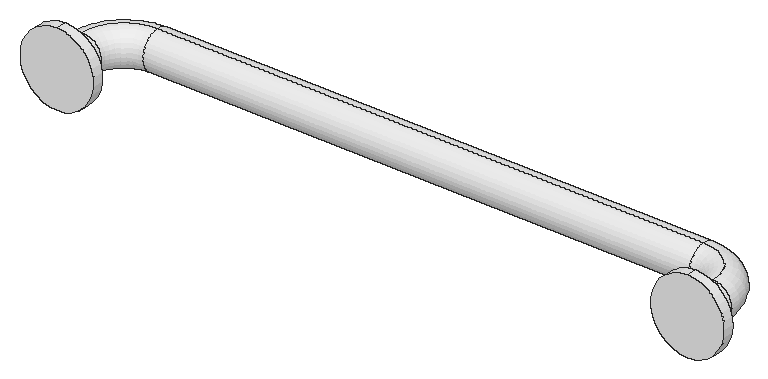
Revit family "Grab Rail", category Plumbing Fixtures, Revit 2015
Parameters (values of type "Grab Rail")
  Material [instance] = White Glossy
  Keynote = ""
  Assembly Code = ""
Reference planes
  plane 1 "Center (Front/Back)": y = 0
  plane 2: z = 0
  plane 3: x = -855.796
  plane 4: z = 680
  plane 5: y = 100
  plane 6: y = 10
Forms (mm)
  Sweep 1, solid, material "White Glossy" <- "Material"
    path origin (-234.062, -422.744, 680) x (0, -1, 0) y (1, 0, 0)
      loop
        line (-432.744, -321.734) -> (-452.744, -321.734)
        arc (-452.744, -321.734) -> (-481.028, -333.449) -> (-492.744, -361.734) r 40
        line (-492.744, -361.734) -> (-492.744, -881.734)
        arc (-492.744, -881.734) -> (-481.028, -910.018) -> (-452.744, -921.734) r 40
        line (-452.744, -921.734) -> (-432.744, -921.734)
    profile origin (-555.796, 20, 680) x (-1, 0, 0) y (0, 0, 1)
      loop
        circle (0, 0) r 18
  Extrusion 2, solid, material "White Glossy" <- "Material"
    sketch origin (-1955.796, 0, -175.796) x (0, 0, -1) y (1, 0, 0)
      loop
        circle (-855.796, 1400) r 35
      loop
        circle (-855.796, 800) r 35
    from 0 to -10
Lines and regions (mm)
  Masking region 1
    outline origin (0, 0, 0) x (1, 0, 0) y (0, 1, 0)
      loop
        line (-1173.796, 10) -> (-1190.796, 10) -> (-1190.796, 0) -> (-1120.796, 0) -> (-1120.796, 10) -> (-1137.796, 10) -> (-1137.796, 27)
        arc (-1137.796, 27) -> (-1130.473, 44.678) -> (-1112.796, 52) r 25
        line (-1112.796, 52) -> (-598.796, 52)
        arc (-598.796, 52) -> (-581.118, 44.678) -> (-573.796, 27) r 25
        line (-573.796, 27) -> (-573.796, 10) -> (-590.796, 10) -> (-590.796, 0) -> (-520.796, 0) -> (-520.796, 10) -> (-537.796, 10) -> (-537.796, 27)
        arc (-537.796, 27) -> (-555.662, 70.134) -> (-598.796, 88) r 61
        line (-598.796, 88) -> (-1112.796, 88)
        arc (-1112.796, 88) -> (-1155.929, 70.134) -> (-1173.796, 27) r 61
        line (-1173.796, 27) -> (-1173.796, 10)
  Masking region 2
    outline origin (0, 0, 0) x (1, 0, 0) y (0, 0, 1)
      loop
        arc (-1155.796, 715) -> (-1190.796, 680) -> (-1155.796, 645) r 35
        arc (-1155.796, 645) -> (-1138.547, 649.545) -> (-1125.779, 662) r 35
        line (-1125.779, 662) -> (-585.812, 662)
        arc (-585.812, 662) -> (-573.044, 649.545) -> (-555.796, 645) r 35
        arc (-555.796, 645) -> (-520.796, 680) -> (-555.796, 715) r 35
        arc (-555.796, 715) -> (-573.044, 710.455) -> (-585.812, 698) r 35
        line (-585.812, 698) -> (-1125.779, 698)
        arc (-1125.779, 698) -> (-1138.547, 710.455) -> (-1155.796, 715) r 35
  Masking region 3
    outline origin (-855.796, 721.997, 4000) x (0, 1, 0) y (0, 0, 1)
      loop
        line (-721.997, -3285) -> (-721.997, -3355) -> (-711.997, -3355) -> (-711.997, -3338) -> (-651.997, -3338)
        arc (-651.997, -3338) -> (-633.997, -3320) -> (-651.997, -3302) r 18
        line (-651.997, -3302) -> (-711.997, -3302) -> (-711.997, -3285) -> (-721.997, -3285)
  symbolic lines
    curve 1: line (-1190.796, 0, 0) -> (-1120.796, 0, 0)
    curve 2: line (-520.796, 10, 0) -> (-590.796, 10, 0)
    curve 3: line (-1190.796, 10, 0) -> (-1190.796, 0, 0)
    curve 4: line (-1120.796, 10, 0) -> (-1190.796, 10, 0)
    curve 5: line (-590.796, 0, 0) -> (-520.796, 0, 0)
    curve 6: line (-1120.796, 10, 0) -> (-1120.796, 0, 0)
    curve 7: line (-520.796, 10, 0) -> (-520.796, 0, 0)
    curve 8: line (-590.796, 10, 0) -> (-590.796, 0, 0)
    curve 9: line (-1112.796, 88, 0) -> (-598.796, 88, 0)
    curve 10: line (-1112.796, 52, 0) -> (-598.796, 52, 0)
    curve 11: line (-1137.796, 10, 0) -> (-1137.796, 27, 0)
    curve 12: line (-1173.796, 10, 0) -> (-1173.796, 27, 0)
    curve 13: line (-573.796, 10, 0) -> (-573.796, 27, 0)
    curve 14: line (-537.796, 10, 0) -> (-537.796, 27, 0)
    curve 15: arc (-1137.796, 27, 0) -> (-1130.473, 44.678, 0) -> (-1112.796, 52, 0) r 25
    curve 16: arc (-598.796, 52, 0) -> (-581.118, 44.678, 0) -> (-573.796, 27, 0) r 25
    curve 17: arc (-598.796, 88, 0) -> (-555.662, 70.134, 0) -> (-537.796, 27, 0) r 61
    curve 18: arc (-1173.796, 27, 0) -> (-1155.929, 70.134, 0) -> (-1112.796, 88, 0) r 61
    curve 19: line (-1190.796, 10, 680) -> (-520.796, 10, 680)
    curve 20: line (-520.796, 0, 680) -> (-1190.796, 0, 680)
    curve 21: line (-855.796, 10, 645) -> (-855.796, 10, 715)
    curve 22: line (-855.796, 0, 715) -> (-855.796, 0, 645)
    curve 23: line (-855.796, 10, 715) -> (-855.796, 0, 715)
    curve 24: line (-855.796, 10, 645) -> (-855.796, 0, 645)
    curve 25: line (-855.796, 10, 698) -> (-855.796, 70, 698)
    curve 26: line (-855.796, 10, 662) -> (-855.796, 70, 662)
    curve 27: arc (-855.796, 70, 698) -> (-855.796, 88, 680) -> (-855.796, 70, 662) r 18
    curve 28: line (-1155.796, 0, 698) -> (-555.796, 0, 698)
    curve 29: line (-555.796, 0, 662) -> (-1155.796, 0, 662)
    curve 30: arc (-1155.796, 0, 715) -> (-1190.796, 0, 680) -> (-1155.796, 0, 645) r 35
    curve 31: arc (-1155.796, 0, 645) -> (-1138.547, 0, 649.545) -> (-1125.779, 0, 662) r 35
    curve 32: arc (-1125.779, 0, 698) -> (-1138.547, 0, 710.455) -> (-1155.796, 0, 715) r 35
    curve 33: arc (-1155.796, 0, 662) -> (-1173.796, 0, 680) -> (-1155.796, 0, 698) r 18
    curve 34: arc (-555.796, 0, 715) -> (-573.044, 0, 710.455) -> (-585.812, 0, 698) r 35
    curve 35: arc (-555.796, 0, 645) -> (-520.796, 0, 680) -> (-555.796, 0, 715) r 35
    curve 36: arc (-555.796, 0, 662) -> (-537.796, 0, 680) -> (-555.796, 0, 698) r 18
    curve 37: arc (-585.812, 0, 662) -> (-573.044, 0, 649.545) -> (-555.796, 0, 645) r 35
Dimensions and locks
  plane 1 "Center (Front/Back)" to plane 6 to plane 5 = 10 mm locked, 90 mm locked
  aligned and locked: Extrusion 2 to Sweep 1
  aligned and locked: plane 1 "Center (Front/Back)" to Extrusion 2
  aligned and locked: curve 30 to Extrusion 2
  aligned and locked: curve 31 to Extrusion 2
  aligned and locked: curve 33 to Sweep 1
  aligned and locked: curve 34 to Extrusion 2
  aligned and locked: curve 35 to Extrusion 2
  aligned and locked: curve 36 to Sweep 1
